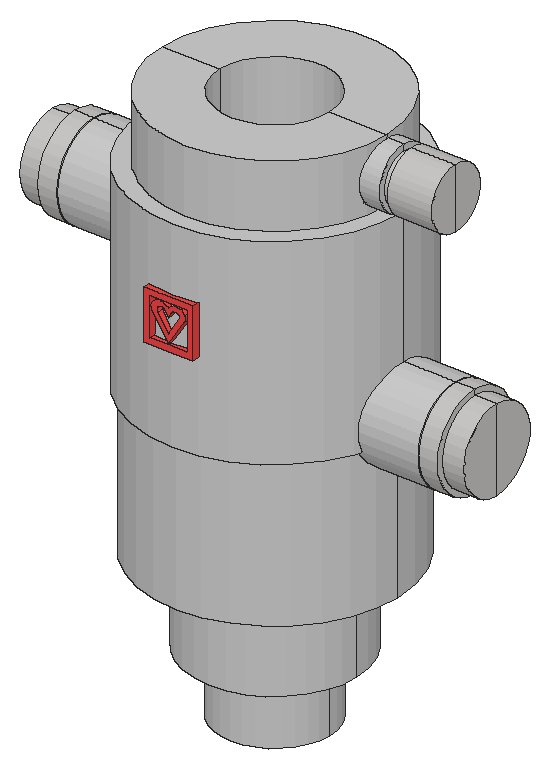
Revit family "HERZ System Seperator 0302", category Rohrzubehör, Revit 2020
Family settings
  Bemaßung runder Anschluss = Durchmesser verwenden
  Teiletyp = Unterbricht
  OmniClass-Nummer = 23.65.55.14
  OmniClass-Titel = Valves for Liquid Services
  Arbeitsebenenbasiert = Nein
  Immer vertikal = Ja
  Beim Laden mit Abzugskörper schneiden = Nein
  Gemeinsam genutzt = Nein
Parameters (values of type "DN15 (3/4"-3/4")")
  Vorgabe-Ansicht = 0.00 mm
  Model = "The system separator of type BA has been developed according to the standard DIN EN 1717.\r\nAccording to this standard, the water quality is divided up into 5 classes depending on the degree of contamination.\r\nSystem separators of type BA provide protection against non-drinking water up to hazard class 4.\r\nThis is the highest hazard class that may be safeguarded with a valve.\r\nSystem separator complete with safety screw to prevent manipulation, screen against contaminant ingress.\r\nThis filter disc must be inserted correctly in the fitting, so that it is possible to guarantee the function.\r\nSet the seal on top.\r\nThe installation of a dirt trap upstream of the system separator helps to guarantee constant and faultless function.\r\nIt is only possible to fit the system separator vertically.\r\nThe Herz system separator is frost-proof."
  Max. permissible temperature (short-term) = 80 °C  # constant formula
  Max. operating temperature = 65 °C  # constant formula
  Max. operating pressure = 1000000.0 Pa  # constant formula
  URL = "www.herzvalves.com"
  System separator cartridge = "high quality, lime-repellent plastic."  # constant formula
  SCTWSEQ = "AW;SBT_TYP_AW=\"104\";2"
  SCTWCODE = "04;12;02"  # constant formula
  S03 = 29.00 mm  # constant formula
  S02 = 53.00 mm  # constant formula
  S01 = 13.00 mm  # constant formula
  NennweiteEin [instance] = if([20_20], 20.00 mm, if([25_20], 25.00 mm, if([25_25], 25.00 mm, 0.00 mm)))  # 20.00 mm
  NennweiteAus [instance] = if([20_20], 20.00 mm, if([25_20], 20.00 mm, if([25_25], 25.00 mm, 0.00 mm)))  # 20.00 mm
  Medium = "water (without steam)"  # constant formula
  LO01 = 70.00 mm  # constant formula
  Installation position = "vertical"  # constant formula
  IG (ein) [instance] = NennweiteEin / 2  # 10.00 mm
  Note = "Pursuant to Article 33 of the REACH Regulation (EC No. 1907/2006), we are obliged to point out that the material lead is listed on the SVHC list and that all brass components manufactured in our products exceed 0.1% (w / w) lead (CAS: 7439-92-1 / EINECS: 231-100-4).\r\nSince lead is a component part of an alloy, actual exposure is not possible and therefore no additional information on safe use is necessary."
  Hersteller = "HERZ Armaturen Ges.m.b.H."  # constant formula
  H09 = 7.50 mm  # constant formula
  H08 = 24.50 mm  # constant formula
  H07 = 8.50 mm  # constant formula
  H06 = 57.50 mm  # constant formula
  H05 = 6.00 mm  # constant formula
  H04 = 11.50 mm  # constant formula
  H03 = 54.00 mm  # constant formula
  H02 = 27.00 mm  # constant formula
  H01 = 102.00 mm  # constant formula
  GT (IG) [instance] = if([20_20], 11.30 mm, if([25_20], 12.50 mm, if([25_25], 12.50 mm, 0.00 mm)))  # 11.30 mm
  GT (AG) [instance] = if([20_20], 11.30 mm, if([25_20], 12.50 mm, if([25_25], 12.50 mm, 0.00 mm)))  # 11.30 mm
  Seals = "EPDM"  # constant formula
  D10 = 4.00 mm  # constant formula
  D09 = 40.50 mm  # constant formula
  D08 = 4.50 mm  # constant formula
  D07 = 5.50 mm  # constant formula
  D06 = 33.00 mm  # constant formula
  D05 [instance] = (NennweiteEin / 2) + 1.00 mm  # 11.00 mm
  D04 = 15.00 mm  # constant formula
  D03 = 22.50 mm  # constant formula
  D02 = 23.50 mm  # constant formula
  D01 = 20.50 mm  # constant formula
  Body = "pressed brass (CW617N), chrome-plated."  # constant formula
  Part number = if([20_20], "I030202", if([25_20], "I030203", if([25_25], "I030213", "0")))  # "I030202"
  Application = "The system separator is designed for retrospective mounting on a take-off fitting with hose connection.\r\nThanks to its compact design, this system separator bridges gaps in all areas where a connection with the waste water is required."
  AG (aus) [instance] = NennweiteAus / 2  # 10.00 mm
  25_25 = no
  25_20 = no
  20_20 = yes
Types (4, lengths in mm): name | NennweiteEin | NennweiteAus | IG (ein) | GT (IG) | GT (AG) | D05 | Part number | AG (aus) | 25_25 | 25_20 | 20_20
  (no name) | 20.00 | 20.00 | 10.00 | 11.30 | 11.30 | 11.00 | "I030202" | 10.00 | no | no | yes
  DN15 (3/4"-3/4") | 20.00 | 20.00 | 10.00 | 11.30 | 11.30 | 11.00 | "I030202" | 10.00 | no | no | yes
  DN20 (1"-3/4") | 25.00 | 20.00 | 12.50 | 12.50 | 12.50 | 13.50 | "I030203" | 10.00 | no | yes | no
  DN20 (1"-1") | 25.00 | 25.00 | 12.50 | 12.50 | 12.50 | 13.50 | "I030213" | 12.50 | yes | no | no
Reference planes
  plane 1 "Mitte (Vorne/hinten)": y = 0
  plane 2: z = 0
  plane 3 "Mitte (Links/rechts)": x = 0
Forms (mm)
  Revolve 1, solid, material "Messing, vernickelt", detail levels fine
    sketch origin (0, 0, 0) x (1, 0, 0) y (0, 0, 1)
      loop
        line (0, 0) -> (0, 90.7) -> (-10, 90.7) -> (-10, 102) -> (-20.5, 102) -> (-20.5, 90.5) -> (-23.5, 90.5) -> (-23.5, 54) -> (-22.5, 54) -> (-22.5, 27) -> (-15, 27) -> (-15, 11.3) -> (-10, 11.3) -> (-10, 0) -> (0, 0)
      axis (0, 102) -> (0, 0)
    angle from 0 to 360
  Revolve 2, solid, material "Messing, vernickelt", detail levels fine
    sketch origin (0, 0, 0) x (1, 0, 0) y (0, 0, 1)
      loop
        line (11, 101.5) -> (11, 96) -> (23.5, 96) -> (23.5, 101.5) -> (11, 101.5)
      axis (11, 96) -> (23.5, 96)
    angle from 0 to 360
  Revolve 3, solid, material "Messing, vernickelt", detail levels fine
    sketch origin (0, 0, 0) x (1, 0, 0) y (0, 0, 1)
      loop
        line (0, 66) -> (0, 57.5) -> (33, 57.5) -> (33, 66) -> (0, 66)
      axis (33, 57.5) -> (0, 57.5)
    angle from 0 to 360
  Revolve 4, solid, material "Messing, vernickelt", detail levels fine
    sketch origin (0, 0, 0) x (1, 0, 0) y (0, 0, 1)
      loop
        line (0, 77.5) -> (0, 86) -> (-33, 86) -> (-33, 77.5) -> (0, 77.5)
      axis (-33, 77.5) -> (0, 77.5)
    angle from 0 to 360
  Revolve 5, solid, material "Edelstahl", detail levels fine
    sketch origin (0, 0, 0) x (1, 0, 0) y (0, 0, 1)
      loop
        line (23.5, 96) -> (33, 96) -> (33, 101.5) -> (25, 101.5) -> (25, 100.5) -> (23.5, 100.5) -> (23.5, 96)
      axis (23.5, 96) -> (33, 96)
    angle from 0 to 360
  Revolve 6, solid, material "Edelstahl", detail levels fine
    sketch origin (0, 0, 0) x (1, 0, 0) y (0, 0, 1)
      loop
        line (33, 57.5) -> (40.5, 57.5) -> (40.5, 65) -> (36.5, 65) -> (36.5, 66) -> (33, 66) -> (33, 57.5)
      axis (33, 57.5) -> (40.5, 57.5)
    angle from 0 to 360
  Revolve 7, solid, material "Edelstahl", detail levels fine
    sketch origin (0, 0, 20) x (-1, 0, 0) y (0, 0, 1)
      loop
        line (33, 57.5) -> (40.5, 57.5) -> (40.5, 65) -> (36.5, 65) -> (36.5, 66) -> (33, 66) -> (33, 57.5)
      axis (33, 57.5) -> (40.5, 57.5)
    angle from 0 to 360
Lines and regions (mm)
  model lines, detail levels coarse+medium
    curve 1: line (-23.5, 0, 102) -> (23.5, 0, 102)
    curve 2: line (-23.5, 0, 0) -> (-23.5, 0, 102)
    curve 3: line (23.5, 0, 0) -> (-23.5, 0, 0)
    curve 4: line (23.5, 0, 102) -> (23.5, 0, 0)
    curve 5: line (-10.5, 0, 102) -> (-10.5, 0, 49)
    curve 6: line (-10.5, 0, 29) -> (-10.5, 0, 0)
    curve 7: line (10.5, 0, 102) -> (10.5, 0, 49)
    curve 8: line (10.5, 0, 29) -> (10.5, 0, 0)
    curve 9: line (0, 23.5, 102) -> (0, -23.5, 102)
    curve 10: line (0, 23.5, 0) -> (0, 23.5, 102)
    curve 11: line (0, -23.5, 0) -> (0, 23.5, 0)
    curve 12: line (0, -23.5, 102) -> (0, -23.5, 0)
    curve 13: line (0, 10.5, 102) -> (0, 10.5, 49)
    curve 14: line (0, 10.5, 29) -> (0, 10.5, 0)
    curve 15: line (0, -10.5, 102) -> (0, -10.5, 49)
    curve 16: line (0, -10.5, 29) -> (0, -10.5, 0)
Dimensions and locks
  "H01": Revolve 1 sketch curve to plane 2
  "IG (ein)": Revolve 1 sketch curve to plane 3 "Mitte (Links/rechts)"
  "AG (aus)": Revolve 1 sketch curve to plane 3 "Mitte (Links/rechts)"
  "GT (IG)": Revolve 1 sketch curve to Revolve 1 sketch curve
  "GT (AG)": Revolve 1 sketch curve to Revolve 1 sketch curve
  "D01": Revolve 1 sketch curve to plane 3 "Mitte (Links/rechts)"
  "D02": plane 3 "Mitte (Links/rechts)" to Revolve 1 sketch curve
  "D03": Revolve 1 sketch curve to plane 3 "Mitte (Links/rechts)"
  "D04": Revolve 1 sketch curve to plane 3 "Mitte (Links/rechts)"
  "H02": Revolve 1 sketch curve to plane 2
  "H03": Revolve 1 sketch curve to plane 2
  "H04": Revolve 1 sketch curve to Revolve 1 sketch curve
  "H05": Revolve 1 to Revolve 2 sketch curve
  "D02": Revolve 2 sketch curve to plane 3 "Mitte (Links/rechts)"
  "D05": Revolve 2 sketch curve to plane 3 "Mitte (Links/rechts)"
  "H06": Revolve 3 sketch curve to plane 2
  "H07": Revolve 3 sketch curve to Revolve 3 sketch curve
  "D06": Revolve 3 sketch curve to plane 3 "Mitte (Links/rechts)"
  "D06": plane 3 "Mitte (Links/rechts)" to Revolve 4 sketch curve
  "H07": Revolve 4 sketch curve to Revolve 4 sketch curve
  "H08": Revolve 1 to Revolve 4 sketch curve
  "D06": Revolve 5 sketch curve to plane 3 "Mitte (Links/rechts)"
  Revolve 5 sketch curve to Revolve 5 sketch curve = 1.50 mm
  "D02": Revolve 5 sketch curve to plane 3 "Mitte (Links/rechts)"
  "D07": Revolve 5 sketch curve to Revolve 5 sketch curve
  "H05": Revolve 1 to Revolve 5 sketch curve
  "D07": Revolve 2 sketch curve to Revolve 2 sketch curve
  "D08": Revolve 5 sketch curve to Revolve 5 sketch curve
  "D06": plane 3 "Mitte (Links/rechts)" to Revolve 6 sketch curve
  "D09": Revolve 6 sketch curve to plane 3 "Mitte (Links/rechts)"
  "D10": Revolve 6 sketch curve to Revolve 6 sketch curve
  "H07": Revolve 6 sketch curve to Revolve 6 sketch curve
  "H09": Revolve 6 sketch curve to Revolve 6 sketch curve
  "D10": Revolve 7 sketch curve to Revolve 7 sketch curve
  "H07": Revolve 7 sketch curve to Revolve 7 sketch curve
  "H09": Revolve 7 sketch curve to Revolve 7 sketch curve
  "H08": Revolve 1 to Revolve 7 sketch curve
  "D06": plane 3 "Mitte (Links/rechts)" to Revolve 7 sketch curve
  "D09": plane 3 "Mitte (Links/rechts)" to Revolve 7 sketch curve
  "D02": nested 1 to plane 1 "Mitte (Vorne/hinten)"
  "LO01": nested 1 to plane 2
  "H01": curve 1 to plane 2
  "D02": curve 4 to plane 3 "Mitte (Links/rechts)" to curve 2
  "S01": curve 2 to curve 5
  "S01": curve 7 to curve 4
  "S01": curve 6 to curve 2
  "S01": curve 8 to curve 4
  "S02": curve 1 to curve 7
  "S02": curve 1 to curve 5
  "S03": curve 8 to curve 3
  "S03": curve 6 to curve 3
  "H01": curve 9 to plane 2
  "S03": curve 16 to plane 2
  "S02": curve 15 to curve 9
  "S01": curve 15 to curve 12
  "S01": curve 10 to curve 13
  "D02": curve 10 to plane 1 "Mitte (Vorne/hinten)" to curve 12
  "S01": curve 10 to curve 14
  "S01": curve 16 to curve 12
  "S03": curve 14 to plane 2
  "S02": curve 13 to curve 9
  aligned and locked: level to plane 2
Automatic sketch dimensions
  curve 16 to level = 0.00 mm
  curve 8 to level = 0.00 mm
  Revolve 1 sketch curve to plane 3 "Mitte (Links/rechts)" = 0.00 mm  (x2)
  Revolve 1 sketch curve to level = 0.00 mm
  Revolve 1 sketch curve to level = 366.045 mm
  Revolve 1 sketch curve to Revolve 1 sketch curve = 2112.315 mm
  Revolve 2 sketch curve to Revolve 2 sketch curve = 0.00 mm  (x3)
  Revolve 3 sketch curve to plane 3 "Mitte (Links/rechts)" = 0.00 mm  (x2)
  Revolve 3 sketch curve to Revolve 3 sketch curve = 0.00 mm  (x2)
  Revolve 4 sketch curve to plane 3 "Mitte (Links/rechts)" = 0.00 mm  (x2)
  Revolve 4 sketch curve to Revolve 4 sketch curve = 0.00 mm  (x2)
  Revolve 5 sketch curve to Revolve 5 sketch curve = 0.00 mm  (x3)
  level to Revolve 6 sketch curve = 57.50 mm
  Revolve 6 sketch curve to Revolve 6 sketch curve = 0.00 mm  (x3)
  Revolve 7 sketch curve to Revolve 7 sketch curve = 0.00 mm  (x3)
Nested families
  nested 1: "Herz-Logo-vorne" at (0, -23.5, 74.5) x (0, 1, 0) z (0, 0, 1), type "Herz-Logo-vorne", detail levels fine
Connectors
  piping at (0, 0, 90.7), diameter 20, driven by "NennweiteEin"
    settings: on Revolve 1, index 1, connector inside diameter 609.6 mm, connector length 0.00 mm, flow factor 0, pipe flow 0.0 L/s, pressure drop 0.0 Pa, fitting loss kfactor 0, connector angle 0.00°, fixture units 0, engagement length 0.00 mm, angle of deflection 0.00°, flow configuration 0, flow direction 1, fitting loss method 0, system type 29, joint type 0, gender type 0, connector reference index -1, connector utility 0, adjustable connector no, is connector primary yes, connector description ""
  piping at (0, 0, 0), diameter 20, driven by "NennweiteAus"
    settings: on Revolve 1, index 2, connector inside diameter 609.6 mm, connector length 0.00 mm, flow factor 0, pipe flow 0.0 L/s, pressure drop 0.0 Pa, fitting loss kfactor 0, connector angle 0.00°, fixture units 0, engagement length 0.00 mm, angle of deflection 0.00°, flow configuration 0, flow direction 2, fitting loss method 0, system type 29, joint type 0, gender type 0, connector reference index -1, connector utility 0, adjustable connector no, is connector primary no, connector description ""
Definition of nested family "Herz-Logo-vorne"
  Parameters (values of type "Herz-Logo-vorne")
    Default Elevation = 0.00 mm
  Reference planes
    plane 1 "Mitte (Vorne/hinten)": y = 0
    plane 2: z = 0
    plane 3 "Mitte (Links/rechts)": x = 0
  Forms (mm)
    Extrusion 1, solid
      sketch origin (0.732, -0.018, 0.017) x (0, -1, 0) y (0, 0, 1)
        loop
          line (-0.018, -4.517) -> (4.482, -4.517) -> (4.482, 4.483) -> (-4.518, 4.483) -> (-4.518, -4.517) -> (-0.018, -4.517)
        loop
          line (-0.05, -3.48) -> (3.482, -3.48) -> (3.482, 3.483) -> (-3.518, 3.483) -> (-3.518, -3.48) -> (-0.05, -3.48)
        loop
          arc (-0.018, 2.383) -> (-1.543, 3.287) -> (-3.067, 2.383) r 1.738
          arc (-3.067, 2.383) -> (-3.191, 1.899) -> (-3.067, 1.415) r 1.009
          line (-3.067, 1.415) -> (-0.018, -3.281) -> (3.032, 1.415)
          arc (3.032, 1.415) -> (3.156, 1.899) -> (3.032, 2.383) r 1.009
          arc (3.032, 2.383) -> (1.507, 3.287) -> (-0.018, 2.383) r 1.738
        loop
          arc (1.885, 1.272) -> (2.005, 1.675) -> (1.885, 2.079) r 0.74
          arc (1.885, 2.079) -> (1.265, 2.416) -> (0.644, 2.079) r 0.74
          line (0.644, 2.079) -> (-0.018, 0.97) -> (-0.679, 2.079)
          arc (-0.679, 2.079) -> (-1.3, 2.416) -> (-1.921, 2.079) r 0.74
          arc (-1.921, 2.079) -> (-2.04, 1.675) -> (-1.921, 1.272) r 0.74
          line (-1.921, 1.272) -> (-0.018, -1.658) -> (1.885, 1.272)
      from 0 to 1.5
  Dimensions and locks
    aligned and locked: level to plane 2
